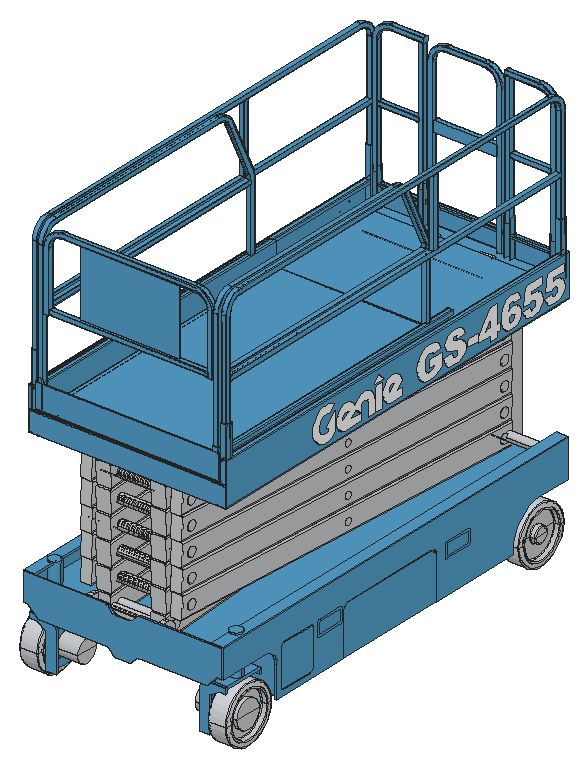
Revit family "Genie_Site_ScissorLift_GS4655a", category Site, Revit 2018 (continued)
Definition of nested family "Basket"
  Forms (mm)
    Extrusion 19, solid, material <- "Blue"
      sketch origin (0, 0, 0) x (1, 0, 0) y (0, 1, 0)
        loop
          line (-312.541, 1315.719) -> (-308.541, 1315.719) -> (-308.541, 1348.719) -> (-274.541, 1348.719) -> (-274.541, 1315.719) -> (-270.541, 1315.719) -> (-270.541, 1348.719)
          arc (-270.541, 1348.719) -> (-271.712, 1351.548) -> (-274.541, 1352.719) r 4
          line (-274.541, 1352.719) -> (-308.541, 1352.719)
          arc (-308.541, 1352.719) -> (-311.369, 1351.548) -> (-312.541, 1348.719) r 4
          line (-312.541, 1348.719) -> (-312.541, 1315.719)
        loop
          line (622.421, 1315.719) -> (622.421, 1348.719)
          arc (622.421, 1348.719) -> (621.249, 1351.548) -> (618.421, 1352.719) r 4
          line (618.421, 1352.719) -> (584.421, 1352.719)
          arc (584.421, 1352.719) -> (581.592, 1351.548) -> (580.421, 1348.719) r 4
          line (580.421, 1348.719) -> (580.421, 1315.719) -> (584.421, 1315.719) -> (584.421, 1348.719) -> (618.421, 1348.719) -> (618.421, 1315.719) -> (622.421, 1315.719)
        loop
          line (312.541, 1315.719) -> (312.541, 1348.719)
          arc (312.541, 1348.719) -> (311.369, 1351.548) -> (308.541, 1352.719) r 4
          line (308.541, 1352.719) -> (274.541, 1352.719)
          arc (274.541, 1352.719) -> (271.712, 1351.548) -> (270.541, 1348.719) r 4
          line (270.541, 1348.719) -> (270.541, 1315.719) -> (274.541, 1315.719) -> (274.541, 1348.719) -> (308.541, 1348.719) -> (308.541, 1315.719) -> (312.541, 1315.719)
        loop
          line (-622.421, 1315.719) -> (-618.421, 1315.719) -> (-618.421, 1348.719) -> (-584.421, 1348.719) -> (-584.421, 1315.719) -> (-580.421, 1315.719) -> (-580.421, 1348.719)
          arc (-580.421, 1348.719) -> (-581.592, 1351.548) -> (-584.421, 1352.719) r 4
          line (-584.421, 1352.719) -> (-618.421, 1352.719)
          arc (-618.421, 1352.719) -> (-621.249, 1351.548) -> (-622.421, 1348.719) r 4
          line (-622.421, 1348.719) -> (-622.421, 1315.719)
      from 75 to 325
    Extrusion 20, solid, material <- "Blue"
      sketch origin (0, 0, 0) x (0, 1, 0) y (0, 0, 1)
        loop
          arc (1342.136, 223.391) -> (1344.021, 222.61) -> (1344.803, 220.724) r 2.667
          line (1344.803, 220.724) -> (1344.803, 76.058) -> (1347.47, 76.058) -> (1347.47, 220.724)
          arc (1347.47, 220.724) -> (1345.907, 224.496) -> (1342.136, 226.058) r 5.334
          line (1342.136, 226.058) -> (1319.022, 226.058)
          arc (1319.022, 226.058) -> (1315.25, 224.496) -> (1313.688, 220.724) r 5.334
          line (1313.688, 220.724) -> (1313.688, 207.008) -> (1316.355, 207.008) -> (1316.355, 220.724)
          arc (1316.355, 220.724) -> (1317.136, 222.61) -> (1319.022, 223.391) r 2.667
          line (1319.022, 223.391) -> (1342.136, 223.391)
      from 312.541 to 580.421
    Extrusion 21, solid, material <- "Blue"
      sketch origin (0, 0, 0) x (0, 1, 0) y (0, 0, 1)
        loop
          arc (1342.136, 223.391) -> (1344.021, 222.61) -> (1344.803, 220.724) r 2.667
          line (1344.803, 220.724) -> (1344.803, 76.058) -> (1347.47, 76.058) -> (1347.47, 220.724)
          arc (1347.47, 220.724) -> (1345.907, 224.496) -> (1342.136, 226.058) r 5.334
          line (1342.136, 226.058) -> (1319.022, 226.058)
          arc (1319.022, 226.058) -> (1315.25, 224.496) -> (1313.688, 220.724) r 5.334
          line (1313.688, 220.724) -> (1313.688, 207.008) -> (1316.355, 207.008) -> (1316.355, 220.724)
          arc (1316.355, 220.724) -> (1317.136, 222.61) -> (1319.022, 223.391) r 2.667
          line (1319.022, 223.391) -> (1342.136, 223.391)
      from -312.5 to -580.4
    Extrusion 22, solid, material <- "Blue"
      sketch origin (0, 0, 0) x (0, 1, 0) y (0, 0, 1)
        loop
          arc (1322.155, 231.139) -> (1318.501, 229.626) -> (1316.988, 225.972) r 5.167
          line (1316.988, 225.972) -> (1316.988, 212.089) -> (1319.488, 212.089) -> (1319.488, 225.972)
          arc (1319.488, 225.972) -> (1320.269, 227.858) -> (1322.155, 228.639) r 2.667
          line (1322.155, 228.639) -> (1345.603, 228.639)
          arc (1345.603, 228.639) -> (1347.488, 227.858) -> (1348.27, 225.972) r 2.667
          line (1348.27, 225.972) -> (1348.27, 88.739) -> (1350.77, 88.739) -> (1350.77, 225.972)
          arc (1350.77, 225.972) -> (1349.256, 229.626) -> (1345.603, 231.139) r 5.167
          line (1345.603, 231.139) -> (1322.155, 231.139)
      from -260 to 260
    Extrusion 23, solid, material <- "Blue"
      sketch origin (0, 0, 0) x (1, 0, 0) y (0, 0, 1)
        loop
          arc (666.75, 223.086) -> (664.805, 227.783) -> (660.108, 229.728) r 6.642
          line (660.108, 229.728) -> (634.708, 229.728)
          arc (634.708, 229.728) -> (630.011, 227.783) -> (628.066, 223.086) r 6.642
          line (628.066, 223.086) -> (628.066, 210.678) -> (630.723, 210.678) -> (630.723, 223.086)
          arc (630.723, 223.086) -> (631.89, 225.904) -> (634.708, 227.072) r 3.985
          line (634.708, 227.072) -> (660.108, 227.072)
          arc (660.108, 227.072) -> (662.926, 225.904) -> (664.093, 223.086) r 3.985
          line (664.093, 223.086) -> (664.093, 76.058) -> (568.843, 76.058) -> (568.843, 73.402) -> (664.093, 73.402) -> (664.093, -54.678)
          arc (664.093, -54.678) -> (662.922, -57.507) -> (660.093, -58.678) r 4
          line (660.093, -58.678) -> (594.243, -58.678) -> (594.243, -61.335) -> (658.75, -61.335)
          arc (658.75, -61.335) -> (664.407, -58.992) -> (666.75, -53.335) r 8
          line (666.75, -53.335) -> (666.75, 223.086)
        loop
          line (-666.75, 223.086) -> (-666.75, -53.335)
          arc (-666.75, -53.335) -> (-664.407, -58.992) -> (-658.75, -61.335) r 8
          line (-658.75, -61.335) -> (-594.243, -61.335) -> (-594.243, -58.678) -> (-660.093, -58.678)
          arc (-660.093, -58.678) -> (-662.922, -57.507) -> (-664.093, -54.678) r 4
          line (-664.093, -54.678) -> (-664.093, 73.402) -> (-568.843, 73.402) -> (-568.843, 76.058) -> (-664.093, 76.058) -> (-664.093, 223.086)
          arc (-664.093, 223.086) -> (-662.926, 225.904) -> (-660.108, 227.072) r 3.985
          line (-660.108, 227.072) -> (-634.708, 227.072)
          arc (-634.708, 227.072) -> (-631.89, 225.904) -> (-630.723, 223.086) r 3.985
          line (-630.723, 223.086) -> (-630.723, 210.678) -> (-628.066, 210.678) -> (-628.066, 223.086)
          arc (-628.066, 223.086) -> (-630.011, 227.783) -> (-634.708, 229.728) r 6.642
          line (-634.708, 229.728) -> (-660.108, 229.728)
          arc (-660.108, 229.728) -> (-664.805, 227.783) -> (-666.75, 223.086) r 6.642
      from -1362.5 to 1520
    Extrusion 24, solid, material <- "Blue"
      sketch origin (0, 0, 0) x (1, 0, 0) y (0, 1, 0)
        loop
          line (-590.55, -1348.55) -> (590.55, -1348.55) -> (590.55, 1267.65) -> (-590.55, 1267.65) -> (-590.55, -1348.55)
      from 76 to 80
    Extrusion 25, solid, material <- "Blue"
      sketch origin (0, 0, 0) x (0, 1, 0) y (0, 0, 1)
        loop
          line (-1520, 71.058) -> (-1520, -61.335) -> (-1477.196, -61.335) -> (-1477.196, 73.402) -> (-1335.85, 73.402) -> (-1335.85, 76.058) -> (-1515, 76.058)
          arc (-1515, 76.058) -> (-1518.536, 74.594) -> (-1520, 71.058) r 5
        loop
          line (1362.5, -54.693) -> (1362.5, 71.058)
          arc (1362.5, 71.058) -> (1361.036, 74.594) -> (1357.5, 76.058) r 5
          line (1357.5, 76.058) -> (1254.95, 76.058) -> (1254.95, 48.002) -> (1360.243, 48.002) -> (1360.243, -54.693) -> (1362.5, -54.693)
      from -664.093 to 664.093
    Extrusion 26, solid
      sketch origin (-546.037, 992.658, 19.89) x (0, -1, 0) y (0, 0, 1)
        loop
          line (221.743, 170.912) -> (176.733, 125.902) -> (266.752, 125.902) -> (221.743, 170.912)
        loop
          line (197.547, 110.667) -> (197.547, -44.366) -> (245.939, -44.366) -> (245.939, 110.667) -> (197.547, 110.667)
        loop
          line (135.175, -44.366) -> (184.463, -44.366) -> (184.463, 37.439)
          arc (184.463, 37.439) -> (111.9, 118.331) -> (23.63, 54.949) r 81.37
          arc (23.63, 54.949) -> (-118.977, 87.384) -> (-55.488, -44.366) r 81.172
          line (-55.488, -44.366) -> (71.011, -44.366) -> (71.011, 37.439)
          arc (71.011, 37.439) -> (103.093, 69.521) -> (135.175, 37.439) r 32.082
          line (135.175, 37.439) -> (135.175, -44.366)
        loop
          line (24.262, 47.33) -> (-19.292, 3.776) -> (67.815, 3.776) -> (24.262, 47.33)
        loop
          line (315.042, 13.926) -> (359.338, 59.796)
          arc (359.338, 59.796) -> (314.312, 58.955) -> (315.042, 13.926) r 31.884
        loop
          line (-77.694, 13.926) -> (-33.397, 59.796)
          arc (-33.397, 59.796) -> (-78.424, 58.955) -> (-77.694, 13.926) r 31.884
        loop
          line (417.259, -44.366) -> (417.259, 4.026) -> (375.176, 4.026) -> (417.817, 46.667)
          arc (417.817, 46.667) -> (276.463, 90.604) -> (337.247, -44.366) r 81.172
          line (337.247, -44.366) -> (417.259, -44.366)
        loop
          line (-146.202, -16.544) -> (-146.202, 112.138) -> (-214.384, 40.527)
          arc (-214.384, 40.527) -> (-202.289, 35.367) -> (-197.001, 23.327) r 17.868
          arc (-197.001, 23.327) -> (-200.417, 12.79) -> (-209.822, 6.94) r 16.131
          arc (-209.822, 6.94) -> (-254.51, 14.967) -> (-281.101, 51.768) r 60.645
          arc (-281.101, 51.768) -> (-259.095, 114.361) -> (-192.92, 119.165) r 60.524
          line (-192.92, 119.165) -> (-155.397, 156.688)
          arc (-155.397, 156.688) -> (-334.684, 60.311) -> (-146.202, -16.544) r 112.5
        loop
          line (681.619, 93.373) -> (744.585, 102.351) -> (737.775, 120.429) -> (728.29, 135.064) -> (716.069, 146.286) -> (701.05, 154.126) -> (680.466, 158.738) -> (651.55, 160.275) -> (620.697, 157.831) -> (596.885, 150.498) -> (574.003, 134.895) -> (557.377, 113.419) -> (547.254, 86.855) -> (543.88, 55.987) -> (546.977, 26.41) -> (556.27, 0.4) -> (571.205, -20.83) -> (591.228, -36.064) -> (617.1, -45.242) -> (649.582, -48.301) -> (676.646, -46.479) -> (699.789, -41.014) -> (722.564, -30.507) -> (748.52, -13.559) -> (748.52, 69.761) -> (654.071, 69.761) -> (654.071, 22.536) -> (693.425, 22.536) -> (693.425, 8.701) -> (672.118, 1.138) -> (652.534, -1.076) -> (633.372, 2.26) -> (618.929, 12.267) -> (609.867, 30.053) -> (606.846, 56.725) -> (609.69, 82.059) -> (618.222, 99.522) -> (631.535, 109.668) -> (648.721, 113.05) -> (669.874, 107.977) -> (676.961, 101.79) -> (681.619, 93.373)
        loop
          line (882.324, 97.309) -> (945.29, 100.937) -> (937.504, 127.685) -> (921.647, 146.071) -> (897.274, 156.724) -> (863.938, 160.275) -> (836.36, 158.307) -> (815.361, 152.404) -> (799.873, 143.073) -> (788.828, 130.821) -> (782.21, 116.678) -> (780.004, 101.675) -> (784.354, 80.23) -> (797.405, 62.997) -> (820.434, 49.254) -> (855.084, 38.401) -> (874.93, 32.621) -> (885.03, 26.472) -> (890.195, 12.206) -> (888.619, 4.297) -> (883.892, -2.583) -> (876.259, -7.356) -> (865.967, -8.947) -> (852.147, -5.78) -> (841.925, 3.72) -> (835.099, 26.472) -> (772.133, 22.659) -> (778.974, -5.503) -> (794.331, -28.255) -> (806.091, -37.025) -> (821.756, -43.289) -> (864.799, -48.301) -> (891.332, -46.164) -> (912.885, -39.754) -> (929.833, -29.2) -> (942.554, -14.635) -> (950.509, 2.682) -> (953.161, 21.491) -> (951.178, 37.409) -> (945.229, 51.714) -> (934.914, 64.112) -> (919.833, 74.311) -> (896.651, 83.366) -> (862.032, 92.328) -> (849.473, 95.971) -> (844.384, 99.891) -> (842.97, 108.746) -> (847.09, 120.153) -> (859.388, 124.857) -> (868.22, 123.219) -> (874.914, 118.308) -> (882.324, 97.309)
        loop
          line (1165.673, 160.275) -> (1063.352, 37.663) -> (1063.352, -8.947) -> (1165.673, -8.947) -> (1165.673, -44.366) -> (1212.897, -44.366) -> (1212.897, -8.947) -> (1236.51, -8.947) -> (1236.51, 38.278) -> (1212.897, 38.278) -> (1212.897, 160.275) -> (1165.673, 160.275)
        loop
          line (1113.16, 38.278) -> (1165.673, 38.278) -> (1165.673, 100.629) -> (1113.16, 38.278)
        loop
          line (1362.442, 101.244) -> (1417.538, 107.578) -> (1411.643, 123.611) -> (1403.549, 136.663) -> (1393.18, 146.839) -> (1380.459, 154.249) -> (1364.041, 158.769) -> (1342.581, 160.275) -> (1323.394, 158.688) -> (1306.417, 153.926) -> (1291.649, 145.99) -> (1279.092, 134.88) -> (1269.071, 120.356) -> (1261.913, 102.182) -> (1257.618, 80.357) -> (1256.187, 54.88) -> (1258.908, 21.276) -> (1267.07, -5.012) -> (1279.784, -24.566) -> (1296.156, -37.97) -> (1317.324, -45.718) -> (1344.426, -48.301) -> (1367.354, -46.249) -> (1386.085, -40.092) -> (1400.905, -29.931) -> (1412.096, -15.865) -> (1419.129, 0.976) -> (1421.473, 19.462) -> (1416.777, 45.664) -> (1402.688, 66.84) -> (1381.804, 80.837) -> (1356.724, 85.503) -> (1332.097, 79.968) -> (1311.282, 62.874) -> (1314.741, 90.622) -> (1319.706, 106.717) -> (1329.099, 117.37) -> (1341.659, 120.921) -> (1354.818, 116.463) -> (1362.442, 101.244)
        loop
          line (1503.44, 109.115) -> (1594.631, 109.115) -> (1594.631, 156.34) -> (1460.827, 156.34) -> (1445.086, 43.689) -> (1492.433, 37.909) -> (1504.547, 46.702) -> (1519.858, 50.084) -> (1531.103, 48.316) -> (1539.873, 43.013) -> (1545.523, 33.927) -> (1547.406, 20.815) -> (1545.477, 7.832) -> (1539.689, -1.476) -> (1530.965, -7.079) -> (1520.227, -8.947) -> (1510.389, -7.44) -> (1502.026, -2.921) -> (1495.785, 4.489) -> (1492.31, 14.665) -> (1437.215, 9.377) -> (1447.392, -15.127) -> (1463.318, -32.713) -> (1487.176, -44.396) -> (1520.904, -48.301) -> (1545.815, -45.949) -> (1565.822, -38.893) -> (1581.38, -27.371) -> (1592.94, -11.622) -> (1600.111, 6.618) -> (1602.502, 25.611) -> (1597.905, 50.807) -> (1584.116, 71.298) -> (1562.948, 84.903) -> (1536.215, 89.438) -> (1518.536, 86.948) -> (1500.489, 79.415) -> (1503.44, 109.115)
        loop
          line (1688.404, 109.115) -> (1779.594, 109.115) -> (1779.594, 156.34) -> (1645.791, 156.34) -> (1630.049, 43.689) -> (1677.397, 37.909) -> (1689.511, 46.702) -> (1704.822, 50.084) -> (1716.067, 48.316) -> (1724.837, 43.013) -> (1730.487, 33.927) -> (1732.37, 20.815) -> (1730.44, 7.832) -> (1724.653, -1.476) -> (1715.929, -7.079) -> (1705.191, -8.947) -> (1695.352, -7.44) -> (1686.99, -2.921) -> (1680.748, 4.489) -> (1677.274, 14.665) -> (1622.179, 9.377) -> (1632.355, -15.127) -> (1648.281, -32.713) -> (1672.14, -44.396) -> (1705.867, -48.301) -> (1730.779, -45.949) -> (1750.786, -38.893) -> (1766.343, -27.371) -> (1777.903, -11.622) -> (1785.075, 6.618) -> (1787.465, 25.611) -> (1782.869, 50.807) -> (1769.08, 71.298) -> (1747.911, 84.903) -> (1721.178, 89.438) -> (1703.5, 86.948) -> (1685.452, 79.415) -> (1688.404, 109.115)
        loop
          line (1341.044, -8.947) -> (1350.936, -7.256) -> (1359.091, -2.183) -> (1364.556, 6.241) -> (1366.378, 17.986) -> (1364.495, 30.115) -> (1358.845, 38.954) -> (1350.398, 44.35) -> (1340.121, 46.149) -> (1329.606, 44.404) -> (1320.936, 39.169) -> (1315.125, 30.691) -> (1313.188, 19.216) -> (1315.21, 7.433) -> (1321.274, -1.476) -> (1330.26, -7.079) -> (1341.044, -8.947)
        loop
          line (1051.546, 50.084) -> (972.838, 50.084) -> (972.838, 6.795) -> (1051.546, 6.795) -> (1051.546, 50.084)
      from 120.713 to 122.5
    Extrusion 27, solid
      sketch origin (546.037, -459.974, 19.89) x (0, 1, 0) y (0, 0, 1)
        loop
          line (221.743, 170.912) -> (176.733, 125.902) -> (266.752, 125.902) -> (221.743, 170.912)
        loop
          line (197.547, 110.667) -> (197.547, -44.366) -> (245.939, -44.366) -> (245.939, 110.667) -> (197.547, 110.667)
        loop
          line (135.175, -44.366) -> (184.463, -44.366) -> (184.463, 37.439)
          arc (184.463, 37.439) -> (111.9, 118.331) -> (23.63, 54.949) r 81.37
          arc (23.63, 54.949) -> (-118.977, 87.384) -> (-55.488, -44.366) r 81.172
          line (-55.488, -44.366) -> (71.011, -44.366) -> (71.011, 37.439)
          arc (71.011, 37.439) -> (103.093, 69.521) -> (135.175, 37.439) r 32.082
          line (135.175, 37.439) -> (135.175, -44.366)
        loop
          line (24.262, 47.33) -> (-19.292, 3.776) -> (67.815, 3.776) -> (24.262, 47.33)
        loop
          line (315.042, 13.926) -> (359.338, 59.796)
          arc (359.338, 59.796) -> (314.312, 58.955) -> (315.042, 13.926) r 31.884
        loop
          line (-77.694, 13.926) -> (-33.397, 59.796)
          arc (-33.397, 59.796) -> (-78.424, 58.955) -> (-77.694, 13.926) r 31.884
        loop
          line (417.259, -44.366) -> (417.259, 4.026) -> (375.176, 4.026) -> (417.817, 46.667)
          arc (417.817, 46.667) -> (276.463, 90.604) -> (337.247, -44.366) r 81.172
          line (337.247, -44.366) -> (417.259, -44.366)
        loop
          line (-146.202, -16.544) -> (-146.202, 112.138) -> (-214.384, 40.527)
          arc (-214.384, 40.527) -> (-202.289, 35.367) -> (-197.001, 23.327) r 17.868
          arc (-197.001, 23.327) -> (-200.417, 12.79) -> (-209.822, 6.94) r 16.131
          arc (-209.822, 6.94) -> (-254.51, 14.967) -> (-281.101, 51.768) r 60.645
          arc (-281.101, 51.768) -> (-259.095, 114.361) -> (-192.92, 119.165) r 60.524
          line (-192.92, 119.165) -> (-155.397, 156.688)
          arc (-155.397, 156.688) -> (-334.684, 60.311) -> (-146.202, -16.544) r 112.5
        loop
          line (681.619, 93.373) -> (744.585, 102.351) -> (737.775, 120.429) -> (728.29, 135.064) -> (716.069, 146.286) -> (701.05, 154.126) -> (680.466, 158.738) -> (651.55, 160.275) -> (620.697, 157.831) -> (596.885, 150.498) -> (574.003, 134.895) -> (557.377, 113.419) -> (547.254, 86.855) -> (543.88, 55.987) -> (546.977, 26.41) -> (556.27, 0.4) -> (571.205, -20.83) -> (591.228, -36.064) -> (617.1, -45.242) -> (649.582, -48.301) -> (676.646, -46.479) -> (699.789, -41.014) -> (722.564, -30.507) -> (748.52, -13.559) -> (748.52, 69.761) -> (654.071, 69.761) -> (654.071, 22.536) -> (693.425, 22.536) -> (693.425, 8.701) -> (672.118, 1.138) -> (652.534, -1.076) -> (633.372, 2.26) -> (618.929, 12.267) -> (609.867, 30.053) -> (606.846, 56.725) -> (609.69, 82.059) -> (618.222, 99.522) -> (631.535, 109.668) -> (648.721, 113.05) -> (669.874, 107.977) -> (676.961, 101.79) -> (681.619, 93.373)
        loop
          line (882.324, 97.309) -> (945.29, 100.937) -> (937.504, 127.685) -> (921.647, 146.071) -> (897.274, 156.724) -> (863.938, 160.275) -> (836.36, 158.307) -> (815.361, 152.404) -> (799.873, 143.073) -> (788.828, 130.821) -> (782.21, 116.678) -> (780.004, 101.675) -> (784.354, 80.23) -> (797.405, 62.997) -> (820.434, 49.254) -> (855.084, 38.401) -> (874.93, 32.621) -> (885.03, 26.472) -> (890.195, 12.206) -> (888.619, 4.297) -> (883.892, -2.583) -> (876.259, -7.356) -> (865.967, -8.947) -> (852.147, -5.78) -> (841.925, 3.72) -> (835.099, 26.472) -> (772.133, 22.659) -> (778.974, -5.503) -> (794.331, -28.255) -> (806.091, -37.025) -> (821.756, -43.289) -> (864.799, -48.301) -> (891.332, -46.164) -> (912.885, -39.754) -> (929.833, -29.2) -> (942.554, -14.635) -> (950.509, 2.682) -> (953.161, 21.491) -> (951.178, 37.409) -> (945.229, 51.714) -> (934.914, 64.112) -> (919.833, 74.311) -> (896.651, 83.366) -> (862.032, 92.328) -> (849.473, 95.971) -> (844.384, 99.891) -> (842.97, 108.746) -> (847.09, 120.153) -> (859.388, 124.857) -> (868.22, 123.219) -> (874.914, 118.308) -> (882.324, 97.309)
        loop
          line (1165.673, 160.275) -> (1063.352, 37.663) -> (1063.352, -8.947) -> (1165.673, -8.947) -> (1165.673, -44.366) -> (1212.897, -44.366) -> (1212.897, -8.947) -> (1236.51, -8.947) -> (1236.51, 38.278) -> (1212.897, 38.278) -> (1212.897, 160.275) -> (1165.673, 160.275)
        loop
          line (1113.16, 38.278) -> (1165.673, 38.278) -> (1165.673, 100.629) -> (1113.16, 38.278)
        loop
          line (1362.442, 101.244) -> (1417.538, 107.578) -> (1411.643, 123.611) -> (1403.549, 136.663) -> (1393.18, 146.839) -> (1380.459, 154.249) -> (1364.041, 158.769) -> (1342.581, 160.275) -> (1323.394, 158.688) -> (1306.417, 153.926) -> (1291.649, 145.99) -> (1279.092, 134.88) -> (1269.071, 120.356) -> (1261.913, 102.182) -> (1257.618, 80.357) -> (1256.187, 54.88) -> (1258.908, 21.276) -> (1267.07, -5.012) -> (1279.784, -24.566) -> (1296.156, -37.97) -> (1317.324, -45.718) -> (1344.426, -48.301) -> (1367.354, -46.249) -> (1386.085, -40.092) -> (1400.905, -29.931) -> (1412.096, -15.865) -> (1419.129, 0.976) -> (1421.473, 19.462) -> (1416.777, 45.664) -> (1402.688, 66.84) -> (1381.804, 80.837) -> (1356.724, 85.503) -> (1332.097, 79.968) -> (1311.282, 62.874) -> (1314.741, 90.622) -> (1319.706, 106.717) -> (1329.099, 117.37) -> (1341.659, 120.921) -> (1354.818, 116.463) -> (1362.442, 101.244)
        loop
          line (1503.44, 109.115) -> (1594.631, 109.115) -> (1594.631, 156.34) -> (1460.827, 156.34) -> (1445.086, 43.689) -> (1492.433, 37.909) -> (1504.547, 46.702) -> (1519.858, 50.084) -> (1531.103, 48.316) -> (1539.873, 43.013) -> (1545.523, 33.927) -> (1547.406, 20.815) -> (1545.477, 7.832) -> (1539.689, -1.476) -> (1530.965, -7.079) -> (1520.227, -8.947) -> (1510.389, -7.44) -> (1502.026, -2.921) -> (1495.785, 4.489) -> (1492.31, 14.665) -> (1437.215, 9.377) -> (1447.392, -15.127) -> (1463.318, -32.713) -> (1487.176, -44.396) -> (1520.904, -48.301) -> (1545.815, -45.949) -> (1565.822, -38.893) -> (1581.38, -27.371) -> (1592.94, -11.622) -> (1600.111, 6.618) -> (1602.502, 25.611) -> (1597.905, 50.807) -> (1584.116, 71.298) -> (1562.948, 84.903) -> (1536.215, 89.438) -> (1518.536, 86.948) -> (1500.489, 79.415) -> (1503.44, 109.115)
        loop
          line (1688.404, 109.115) -> (1779.594, 109.115) -> (1779.594, 156.34) -> (1645.791, 156.34) -> (1630.049, 43.689) -> (1677.397, 37.909) -> (1689.511, 46.702) -> (1704.822, 50.084) -> (1716.067, 48.316) -> (1724.837, 43.013) -> (1730.487, 33.927) -> (1732.37, 20.815) -> (1730.44, 7.832) -> (1724.653, -1.476) -> (1715.929, -7.079) -> (1705.191, -8.947) -> (1695.352, -7.44) -> (1686.99, -2.921) -> (1680.748, 4.489) -> (1677.274, 14.665) -> (1622.179, 9.377) -> (1632.355, -15.127) -> (1648.281, -32.713) -> (1672.14, -44.396) -> (1705.867, -48.301) -> (1730.779, -45.949) -> (1750.786, -38.893) -> (1766.343, -27.371) -> (1777.903, -11.622) -> (1785.075, 6.618) -> (1787.465, 25.611) -> (1782.869, 50.807) -> (1769.08, 71.298) -> (1747.911, 84.903) -> (1721.178, 89.438) -> (1703.5, 86.948) -> (1685.452, 79.415) -> (1688.404, 109.115)
        loop
          line (1341.044, -8.947) -> (1350.936, -7.256) -> (1359.091, -2.183) -> (1364.556, 6.241) -> (1366.378, 17.986) -> (1364.495, 30.115) -> (1358.845, 38.954) -> (1350.398, 44.35) -> (1340.121, 46.149) -> (1329.606, 44.404) -> (1320.936, 39.169) -> (1315.125, 30.691) -> (1313.188, 19.216) -> (1315.21, 7.433) -> (1321.274, -1.476) -> (1330.26, -7.079) -> (1341.044, -8.947)
        loop
          line (1051.546, 50.084) -> (972.838, 50.084) -> (972.838, 6.795) -> (1051.546, 6.795) -> (1051.546, 50.084)
      from 120.713 to 122.5
    Extrusion 28, solid, visible <- "WorkingHeight"
      sketch origin (-57.993, 980.041, 0) x (1, 0, 0) y (0, 1, 0)
        loop
          line (-608.757, 382.459) -> (-608.757, -2500.041) -> (724.743, -2500.041) -> (724.743, 382.459) -> (-608.757, 382.459)
      from 80 to 2080
  Dimensions and locks
    aligned and locked: plane 2 to Extrusion 1
    aligned and locked: level to Extrusion 1
    aligned and locked: Extrusion 28 sketch curve to Extrusion 25
Definition of nested family "BasketExtension"
  Parameters (values of type "BasketExtension")
    Default Elevation = 1219.2 mm
    Blue = none
  Reference planes
    plane 1 "Center (Front/Back)": y = 0
    plane 2: z = 0
    plane 3 "Center (Left/Right)": x = 0
  Forms (mm)
    Extrusion 1, solid
      sketch origin (0, 0, 0) x (1, 0, 0) y (0, 1, 0)
        loop
          line (-1219.2, 1219.2) -> (-1219.2, -1219.2) -> (1219.2, -1219.2) -> (1219.2, 1219.2) -> (-1219.2, 1219.2)
      from 0 to -304.8
    Extrusion 2, solid, material <- "Blue"
      sketch origin (0, 0, 0) x (0, 1, 0) y (0, 0, 1)
        loop
          line (-1478.09, 103.788) -> (-1480.747, 103.788) -> (-1480.747, 91.38)
          arc (-1480.747, 91.38) -> (-1481.914, 88.562) -> (-1484.732, 87.394) r 3.985
          line (-1484.732, 87.394) -> (-1513.358, 87.394)
          arc (-1513.358, 87.394) -> (-1516.176, 88.562) -> (-1517.343, 91.38) r 3.985
          line (-1517.343, 91.38) -> (-1517.343, 240.196) -> (-1514.586, 240.196) -> (-1514.586, 256.539)
          arc (-1514.586, 256.539) -> (-1517.293, 259.246) -> (-1520, 256.539) r 2.707
          line (-1520, 256.539) -> (-1520, 91.38)
          arc (-1520, 91.38) -> (-1518.055, 86.683) -> (-1513.358, 84.738) r 6.642
          line (-1513.358, 84.738) -> (-1484.732, 84.738)
          arc (-1484.732, 84.738) -> (-1480.035, 86.683) -> (-1478.09, 91.38) r 6.642
          line (-1478.09, 91.38) -> (-1478.09, 103.788)
      from -619.506 to 619.506
    Extrusion 3, solid, material <- "Blue"
      sketch origin (0, 0, 0) x (0, 1, 0) y (0, 0, 1)
        loop
          line (469.205, 87.913) -> (470.533, 90.213) -> (442.421, 106.444) -> (-1517.343, 106.444) -> (-1517.343, 103.788) -> (441.709, 103.788) -> (469.205, 87.913)
      from -571.5 to 571.5
    Extrusion 4, solid, material <- "Blue"
      sketch origin (0, 0, 0) x (1, 0, 0) y (0, 0, 1)
        loop
          line (-333.874, 1174.782) -> (-333.874, 717.709) -> (332.876, 717.709) -> (332.876, 1174.782) -> (-333.874, 1174.782)
      from 1493.493 to 1495.017
    Sweep 5, solid, material <- "Blue"
      path origin (0, 0, 0) x (0, 1, 0) y (0, 0, 1)
        loop
          line (-1496.831, 263.808) -> (-1496.831, 1089.782)
          arc (-1496.831, 1089.782) -> (-1467.248, 1161.2) -> (-1395.831, 1190.782) r 101
          line (-1395.831, 1190.782) -> (-15.234, 1190.782)
          arc (-15.234, 1190.782) -> (39.299, 1174.795) -> (76.568, 1131.894) r 101
          line (76.568, 1131.894) -> (246.938, 760.487)
          arc (246.938, 760.487) -> (253.81, 739.928) -> (256.136, 718.376) r 101
          line (256.136, 718.376) -> (256.136, 263.808)
      profile origin (0, 256.136, 491.092) x (1, 0, 0) y (0, 1, 0)
        loop
          line (-577.691, 16) -> (-605.691, 16)
          arc (-605.691, 16) -> (-607.105, 15.414) -> (-607.691, 14) r 2
          line (-607.691, 14) -> (-607.691, -14)
          arc (-607.691, -14) -> (-607.105, -15.414) -> (-605.691, -16) r 2
          line (-605.691, -16) -> (-577.691, -16)
          arc (-577.691, -16) -> (-576.277, -15.414) -> (-575.691, -14) r 2
          line (-575.691, -14) -> (-575.691, 14)
          arc (-575.691, 14) -> (-576.277, 15.414) -> (-577.691, 16) r 2
        loop
          arc (577.691, 16) -> (576.277, 15.414) -> (575.691, 14) r 2
          line (575.691, 14) -> (575.691, -14)
          arc (575.691, -14) -> (576.277, -15.414) -> (577.691, -16) r 2
          line (577.691, -16) -> (605.691, -16)
          arc (605.691, -16) -> (607.105, -15.414) -> (607.691, -14) r 2
          line (607.691, -14) -> (607.691, 14)
          arc (607.691, 14) -> (607.105, 15.414) -> (605.691, 16) r 2
          line (605.691, 16) -> (577.691, 16)
    Extrusion 6, solid, material <- "Blue"
      sketch origin (0, 0, 0) x (1, 0, 0) y (0, 0, 1)
        loop
          line (-577.691, 717.832) -> (-605.691, 717.832)
          arc (-605.691, 717.832) -> (-607.105, 717.247) -> (-607.691, 715.832) r 2
          line (-607.691, 715.832) -> (-607.691, 687.832)
          arc (-607.691, 687.832) -> (-607.105, 686.418) -> (-605.691, 685.832) r 2
          line (-605.691, 685.832) -> (-577.691, 685.832)
          arc (-577.691, 685.832) -> (-576.277, 686.418) -> (-575.691, 687.832) r 2
          line (-575.691, 687.832) -> (-575.691, 715.832)
          arc (-575.691, 715.832) -> (-576.277, 717.247) -> (-577.691, 717.832) r 2
        loop
          arc (577.691, 717.832) -> (576.277, 717.247) -> (575.691, 715.832) r 2
          line (575.691, 715.832) -> (575.691, 687.832)
          arc (575.691, 687.832) -> (576.277, 686.418) -> (577.691, 685.832) r 2
          line (577.691, 685.832) -> (605.691, 685.832)
          arc (605.691, 685.832) -> (607.105, 686.418) -> (607.691, 687.832) r 2
          line (607.691, 687.832) -> (607.691, 715.832)
          arc (607.691, 715.832) -> (607.105, 717.247) -> (605.691, 717.832) r 2
          line (605.691, 717.832) -> (577.691, 717.832)
      from -240.136 to 1480.831
    Extrusion 7, solid, material <- "Blue"
      sketch origin (0, 0, 0) x (1, 0, 0) y (0, 1, 0)
        loop
          line (575.691, -1513.831) -> (575.691, -1517.831) -> (608.691, -1517.831)
          arc (608.691, -1517.831) -> (611.519, -1516.659) -> (612.691, -1513.831) r 4
          line (612.691, -1513.831) -> (612.691, -1479.831)
          arc (612.691, -1479.831) -> (611.519, -1477.002) -> (608.691, -1475.831) r 4
          line (608.691, -1475.831) -> (575.691, -1475.831) -> (575.691, -1479.831) -> (608.691, -1479.831) -> (608.691, -1513.831) -> (575.691, -1513.831)
        loop
          line (-575.691, -1513.831) -> (-608.691, -1513.831) -> (-608.691, -1479.831) -> (-575.691, -1479.831) -> (-575.691, -1475.831) -> (-608.691, -1475.831)
          arc (-608.691, -1475.831) -> (-611.519, -1477.002) -> (-612.691, -1479.831) r 4
          line (-612.691, -1479.831) -> (-612.691, -1513.831)
          arc (-612.691, -1513.831) -> (-611.519, -1516.659) -> (-608.691, -1517.831) r 4
          line (-608.691, -1517.831) -> (-575.691, -1517.831) -> (-575.691, -1513.831)
      from 100 to 290
    Extrusion 8, solid, material <- "Blue"
      sketch origin (0, 0, 0) x (0, 1, 0) y (0, 0, 1)
        loop
          arc (-1482.831, 685.837) -> (-1481.416, 686.423) -> (-1480.831, 687.837) r 2
          line (-1480.831, 687.837) -> (-1480.831, 715.832)
          arc (-1480.831, 715.832) -> (-1481.416, 717.247) -> (-1482.831, 717.832) r 2
          line (-1482.831, 717.832) -> (-1510.831, 717.832)
          arc (-1510.831, 717.832) -> (-1512.245, 717.247) -> (-1512.831, 715.832) r 2
          line (-1512.831, 715.832) -> (-1512.831, 687.837)
          arc (-1512.831, 687.837) -> (-1512.245, 686.423) -> (-1510.831, 685.837) r 2
          line (-1510.831, 685.837) -> (-1482.831, 685.837)
      from -536.113 to 535.115
    Sweep 9, solid, material <- "Blue"
      path origin (0, 0, 0) x (1, 0, 0) y (0, 0, 1)
        loop
          line (551.115, 682.662) -> (551.115, 1089.782)
          arc (551.115, 1089.782) -> (521.532, 1161.2) -> (450.115, 1190.782) r 101
          line (450.115, 1190.782) -> (-451.113, 1190.782)
          arc (-451.113, 1190.782) -> (-522.531, 1161.2) -> (-552.113, 1089.782) r 101
          line (-552.113, 1089.782) -> (-552.113, 682.662)
      profile origin (-552.113, 0, 886.222) x (0, -1, 0) y (1, 0, 0)
        loop
          arc (1512.831, 14) -> (1512.245, 15.414) -> (1510.831, 16) r 2
          line (1510.831, 16) -> (1482.831, 16)
          arc (1482.831, 16) -> (1481.416, 15.414) -> (1480.831, 14) r 2
          line (1480.831, 14) -> (1480.831, -14)
          arc (1480.831, -14) -> (1481.416, -15.414) -> (1482.831, -16) r 2
          line (1482.831, -16) -> (1510.831, -16)
          arc (1510.831, -16) -> (1512.245, -15.414) -> (1512.831, -14) r 2
          line (1512.831, -14) -> (1512.831, 14)
    Extrusion 10, solid, material <- "Blue"
      sketch origin (0, 0, 0) x (1, 0, 0) y (0, 0, 1)
        loop
          arc (574.827, 101.131) -> (579.524, 103.076) -> (581.47, 107.773) r 6.642
          line (581.47, 107.773) -> (581.47, 252.339)
          arc (581.47, 252.339) -> (582.637, 255.157) -> (585.455, 256.325) r 3.985
          line (585.455, 256.325) -> (610.855, 256.325)
          arc (610.855, 256.325) -> (613.673, 255.157) -> (614.84, 252.339) r 3.985
          line (614.84, 252.339) -> (614.84, 231.994) -> (617.497, 231.994) -> (617.497, 252.339)
          arc (617.497, 252.339) -> (615.551, 257.036) -> (610.855, 258.982) r 6.642
          line (610.855, 258.982) -> (585.455, 258.982)
          arc (585.455, 258.982) -> (580.758, 257.036) -> (578.813, 252.339) r 6.642
          line (578.813, 252.339) -> (578.813, 107.773)
          arc (578.813, 107.773) -> (577.645, 104.955) -> (574.827, 103.788) r 3.985
          line (574.827, 103.788) -> (553.413, 103.788) -> (553.413, 101.131) -> (574.827, 101.131)
        loop
          line (-574.827, 101.131) -> (-553.413, 101.131) -> (-553.413, 103.788) -> (-574.827, 103.788)
          arc (-574.827, 103.788) -> (-577.645, 104.955) -> (-578.813, 107.773) r 3.985
          line (-578.813, 107.773) -> (-578.813, 252.339)
          arc (-578.813, 252.339) -> (-580.758, 257.036) -> (-585.455, 258.982) r 6.642
          line (-585.455, 258.982) -> (-610.855, 258.982)
          arc (-610.855, 258.982) -> (-615.551, 257.036) -> (-617.497, 252.339) r 6.642
          line (-617.497, 252.339) -> (-617.497, 231.994) -> (-614.84, 231.994) -> (-614.84, 252.339)
          arc (-614.84, 252.339) -> (-613.673, 255.157) -> (-610.855, 256.325) r 3.985
          line (-610.855, 256.325) -> (-585.455, 256.325)
          arc (-585.455, 256.325) -> (-582.637, 255.157) -> (-581.47, 252.339) r 3.985
          line (-581.47, 252.339) -> (-581.47, 107.773)
          arc (-581.47, 107.773) -> (-579.524, 103.076) -> (-574.827, 101.131) r 6.642
      from -451.157 to 1478.09
  Dimensions and locks
    aligned and locked: plane 2 to Extrusion 1
    aligned and locked: level to Extrusion 1
Definition of nested family "Error Mark"
  Reference planes
    plane 1 "Center (Front/Back)": y = 0
    plane 2: z = 0
    plane 3 "Center (Left/Right)": x = 0
  Forms (mm)
    Revolve 1, solid
      sketch origin (0, 0, 100) x (1, 0, 0) y (0, 0, 1)
        loop
          arc (0, 109.705) -> (-54.852, 54.852) -> (0, 0) r 54.852
          line (0, 0) -> (0, 109.705)
        loop
          arc (-53.679, 966.833) -> (-54.621, 964.467) -> (-55.149, 961.975) r 15
          arc (-55.149, 961.975) -> (-72.823, 599.913) -> (-36.099, 239.285) r 2414.757
          arc (-36.099, 239.285) -> (-34.235, 234.27) -> (-30.728, 230.227) r 15
          arc (-30.728, 230.227) -> (-16.288, 222.194) -> (0, 219.41) r 49.074
          line (0, 219.41) -> (0, 1000)
          arc (0, 1000) -> (-31.549, 991.039) -> (-53.679, 966.833) r 60.021
        axis (0, 1000) -> (0, 0)
      angle from 0 to 360
  Text (mm)
    text "Alert Text" at (-1.822, 0, 300.028), in view "Back"
    text "Alert Text" at (0, 1.166, 299.9), in view "Right"
  Dimensions and locks
    aligned and locked: level to plane 2
